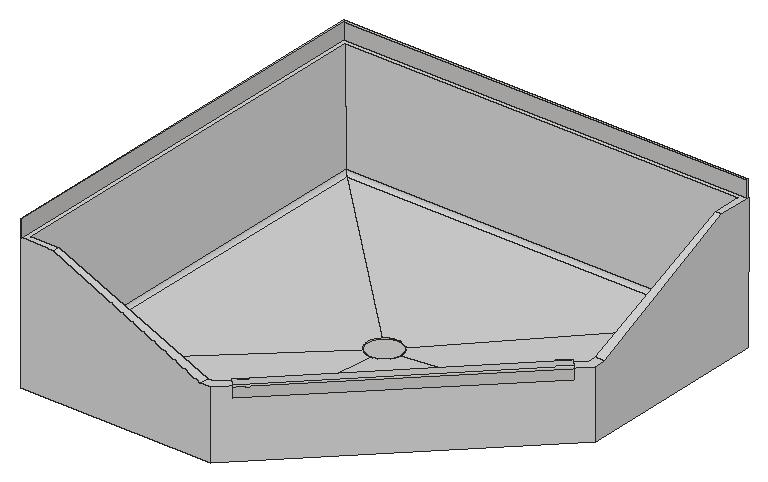
Revit family
Parameters (values of type "36" Terrazzo Neo-Corner Mop Sink")
  Flow = 0.0 L/s
  URL = "www.acorneng.com"
  Type Comments = ""
  Series = "Terrazo-Ware"  # constant formula
  Revision Date = "11/19/2010"  # constant formula
  OmniClass Title = "Sinks/Lavatories"  # constant formula
  OmniClass Number = "23.45.05.14.14"  # constant formula
  Model = "TNC-36-TF2"
  Material = Ceramic-Acorn-White
  MasterFormat Title = "Commercial Plumbing Fixtures"  # constant formula
  MasterFormat Number = "22 42 00"  # constant formula
  Manufacturer = "Acorn Engineering Company"  # constant formula
  Description = "Terrazzo Corner Mop Sink"  # constant formula
  Created by = "CADdetails, Ltd."  # constant formula
  Connection = ""
  C Depth = 1' - 5"
  D Length = 2' - 2 7/8"
  Backsplash Offset = 0' - 3"  # constant formula
  Assembly Code = "D2010"
  Architectural Design Manual = "http://www.acorneng.com/product-resources/acorn-submittals/terrazzo-ware/msc.pdf\r\n"
  A Width = 3' - 0"
Types (4): name | Model | Connection | C Depth | D Length | Architectural Design Manual | A Width
  (no name) | "TNC-36-TF2" | "" | 1' - 5" | 2' - 2 7/8" | "http://www.acorneng.com/product-resources/acorn-submittals/terrazzo-ware/msc.pdf\r\n" | 3' - 0"
  24" Terrazzo Neo-Corner Mop Sink | "TNC-24-TF2" | "Stainless steel grid strainer and provides for an inside caulked\r\nconnection to a 3 Inch pipe" | 1' - 3" | 1' - 0 3/4" | "http://www.acorneng.com/product-resources/acorn-submittals/terrazzo-ware/msc.pdf" | 2' - 0"
  32" Terrazzo Neo-Corner Mop Sink | "TNC-32-TF2" | "Stainless steel grid strainer and provides for an inside caulked\r\nconnection to a 3 Inch pipe" | 1' - 3" | 2' - 0" | "http://www.acorneng.com/product-resources/acorn-submittals/terrazzo-ware/msc.pdf" | 2' - 8"
  36" Terrazzo Neo-Corner Mop Sink | "TNC-36-TF2" | "" | 1' - 5" | 2' - 2 7/8" | "http://www.acorneng.com/product-resources/acorn-submittals/terrazzo-ware/msc.pdf\r\n" | 3' - 0"
Reference planes (in)
  plane 1 "Center (Front/Back)": y = 0
  plane 2: z = 0
  plane 3 "Center (Left/Right)": x = 0
  plane 4 "Back": y = 18
  plane 5 "Front": y = -18
  plane 6 "Left": x = -18
  plane 7 "Right": x = 18
  plane 8 "Bottom": z = 12
  plane 9: x = -1
  plane 10: y = 1
  plane 11: z = 2
  plane 12: z = 1.5
  plane 13: x = -15
  plane 14: y = 15
Forms (in)
  Extrusion 1, solid, material "Ceramic-Acorn-White" <- "Material", detail levels medium+fine
    sketch origin (-14.45279, -6.95556, 0) x (0.777146, 0.62932, 0) y (-0.62932, 0.777146, 0)
      loop
        line (39.51913, -1.17692) -> (13.09617, 20.21998) -> (-8.30072, -6.20299) -> (4.01746, -16.17805) -> (29.54407, -13.4951) -> (39.51913, -1.17692)
    from 0 to 2
  Extrusion 2, void
    sketch origin (-14.45279, -6.95556, 0) x (0.777146, 0.62932, 0) y (-0.62932, 0.777146, 0)
      loop
        circle (15.6092, -3.68995) r 1.5
    from 0 to 12
  Sweep 3, solid, material "Ceramic-Acorn-White" <- "Material", detail levels medium+fine
    path origin (-14.45279, -6.95556, 0) x (0.777146, 0.62932, 0) y (-0.62932, 0.777146, 0)
      loop
        line (2.72715, -16.41994) -> (3.50429, -17.04926) -> (30.22715, -14.24057) -> (30.85647, -13.46343)
    profile origin (-1.5, -18, 0) x (0, 1, 0) y (0, 0, 1)
      loop
        line (0, 6) -> (0, 0) -> (1.5, 0) -> (1.5, 1.92188)
        arc (1.5, 1.92188) -> (1.15577, 2.05924) -> (1.00068, 2.39585) r 0.5
        line (1.00068, 2.39585) -> (0.81279, 6) -> (0, 6)
  Sweep 4, solid, material "Ceramic-Acorn-White" <- "Material", detail levels medium+fine
    path origin (-14.45279, -6.95556, 0) x (0.777146, 0.62932, 0) y (-0.62932, 0.777146, 0)
      loop
        line (39.03764, -3.36053) -> (40.9256, -1.02909) -> (12.94834, 21.62644) -> (-9.70719, -6.35081) -> (-7.37575, -8.23877)
    profile origin (-16.5, -18, 0) x (0, 1, 0) y (0, 0, 1)
      loop
        line (0, 12) -> (0, 0) -> (1.5, 0) -> (1.5, 1.92188)
        arc (1.5, 1.92188) -> (1.15577, 2.05924) -> (1.00068, 2.39585) r 0.5
        line (1.00068, 2.39585) -> (0.50001, 12) -> (0, 12)
  SweptBlend 5, solid, material "Ceramic-Acorn-White" <- "Material", detail levels medium+fine
    path origin (-14.45279, -6.95556, 0) x (0.777146, 0.62932, 0) y (-0.62932, 0.777146, 0)
      loop
        line (-7.37575, -8.23877) -> (2.72715, -16.41994)
    profile origin (-15, -18, 0) x (0, 1, 0) y (0, 0, 1)
      loop
        line (0.50001, 12) -> (0, 12) -> (0, 0) -> (1.5, 0) -> (1.5, 1.92188)
        arc (1.5, 1.92188) -> (1.15577, 2.05924) -> (1.00068, 2.39585) r 0.5
        line (1.00068, 2.39585) -> (0.50001, 12)
    end profile origin (-2, -18, 0) x (0, 1, 0) y (0, 0, 1)
      loop
        line (0, 6) -> (0, 0) -> (1.5, 0) -> (1.5, 1.92188)
        arc (1.5, 1.92188) -> (1.15577, 2.05924) -> (1.00068, 2.39585) r 0.5
        line (1.00068, 2.39585) -> (0.81279, 6) -> (0, 6)
  SweptBlend 6, solid, material "Ceramic-Acorn-White" <- "Material", detail levels medium+fine
    path origin (-14.45279, -6.95556, 0) x (0.777146, 0.62932, 0) y (-0.62932, 0.777146, 0)
      loop
        line (39.03764, -3.36053) -> (30.85647, -13.46343)
    profile origin (18, 15, 0) x (1, 0, 0) y (0, 0, 1)
      loop
        line (0, 0) -> (0, 12) -> (-0.50001, 12) -> (-1.00068, 2.39585)
        arc (-1.00068, 2.39585) -> (-1.15577, 2.05924) -> (-1.5, 1.92188) r 0.5
        line (-1.5, 1.92188) -> (-1.5, 0) -> (0, 0)
    end profile origin (18, 2, 0) x (1, 0, 0) y (0, 0, 1)
      loop
        line (0, 6) -> (-0.81279, 6) -> (-1.00068, 2.39585)
        arc (-1.00068, 2.39585) -> (-1.15577, 2.05924) -> (-1.5, 1.92188) r 0.5
        line (-1.5, 1.92188) -> (-1.5, 0) -> (0, 0) -> (0, 6)
  Blend 7, void
    base sketch origin (-30.23363, -236.22047, 2) x (-1, 0, 0) y (0, -1, 0)
      loop
        line (-47.23363, -253.22047) -> (-13.23363, -253.22047) -> (-13.23363, -219.22047) -> (-29.08417, -219.22047) -> (-47.23363, -237.36993) -> (-47.23363, -253.22047)
    top sketch origin (-30.23363, -236.22047, 2) x (-1, 0, 0) y (0, -1, 0)
      loop
        line (-30.73363, -236.72047) -> (-29.73363, -236.72047) -> (-29.73363, -235.72047) -> (-30.35117, -235.72047) -> (-30.73363, -236.10294) -> (-30.73363, -236.72047)
    from 0 to -0.5
  Extrusion 8, solid, material "Metal-Acorn-Stainless Steel-Grille", detail levels fine
    sketch origin (-30.23363, -236.22047, 1.5) x (-1, 0, 0) y (0, -1, 0)
      loop
        circle (-30.23363, -236.22047) r 1.5
    from 0 to -0.25
  Sweep 9, solid, material "Metal-Acorn-Stainless Steel-Matte", detail levels fine
    path origin (-14.45279, -6.95556, 0) x (0.777146, 0.62932, 0) y (-0.62932, 0.777146, 0)
      loop
        line (5.01678, -16.89029) -> (28.71467, -14.39954)
    profile origin (8.5, -8.5, 0) x (-0.707107, 0.707107, 0) y (0, 0, 1)
      loop
        line (0.85841, 5.125) -> (0.98358, 5.125) -> (0.93762, 6.00651)
        arc (0.93762, 6.00651) -> (0.89885, 6.09066) -> (0.81279, 6.125) r 0.125
        line (0.81279, 6.125) -> (0, 6.125)
        arc (0, 6.125) -> (-0.08839, 6.08839) -> (-0.125, 6) r 0.125
        line (-0.125, 6) -> (-0.125, 5.125) -> (0, 5.125) -> (0, 6) -> (0.81279, 6) -> (0.85841, 5.125)
  Extrusion 10, solid, material "Metal-Acorn-Stainless Steel-Matte", detail levels fine
    sketch origin (0, 0, 12) x (-1, 0, 0) y (0, -1, 0)
      loop
        line (18, -18) -> (18, 18) -> (17.875, 18) -> (17.875, -17.875) -> (-18, -17.875) -> (-18, -18) -> (18, -18)
    from 0 to 1.5
  Extrusion 11, solid, material "Ceramic-Acorn-White" <- "Material", detail levels coarse
    sketch origin (0, 0, 12) x (-1, 0, 0) y (0, -1, 0)
      loop
        line (18, -18) -> (18, 18) -> (1, 18) -> (-18, -1) -> (-18, -18) -> (18, -18)
    from -12 to 0
Cuts and joins
  Extrusion 2, Blend 7 cuts Extrusion 1
  Extrusion 2 cuts Sweep 3
  Extrusion 2 cuts Sweep 4
  Extrusion 2 cuts SweptBlend 5
  Extrusion 2 cuts SweptBlend 6
  joined: Extrusion 1, Sweep 3, Sweep 4, SweptBlend 5, SweptBlend 6
Lines and regions (in)
  Masking region 1
    outline origin (0, 0, 12) x (-1, 0, 0) y (0, -1, 0)
      loop
        line (18, -18) -> (18, 18) -> (1, 18) -> (-18, -1) -> (-18, -18) -> (18, -18)
  Masking region 2, detail levels medium+fine
    outline origin (0, 0, 12) x (-1, 0, 0) y (0, -1, 0)
      loop
        line (16.7564, 16.7564) -> (1.54988, 16.7564) -> (-16.7564, -1.54988) -> (-16.7564, -16.7564) -> (16.7564, -16.7564) -> (16.7564, 16.7564)
  Masking region 3, detail levels fine
    outline origin (0, 0, 12) x (-1, 0, 0) y (0, -1, 0)
      loop
        line (-0.07538, 16.92462) -> (-16.92462, 0.07538) -> (-16.02788, -0.82136) -> (0.82136, 16.02788) -> (-0.07538, 16.92462)
      loop
        circle (0, 0) r 1.5
  Masking region 4
    outline origin (0, 0, 0) x (1, 0, 0) y (0, 0, 1)
      loop
        line (-18, 12) -> (-18, 0) -> (18, 0) -> (18, 12) -> (-18, 12)
  Masking region 5, detail levels medium+fine
    outline origin (0, 0, 0) x (1, 0, 0) y (0, 0, 1)
      loop
        line (-2, 6) -> (-15, 12) -> (-18, 12) -> (-18, 0) -> (18, 0) -> (18, 6) -> (-2, 6)
  Masking region 6, detail levels fine
    outline origin (0, 0, 0) x (1, 0, 0) y (0, 0, 1)
      loop
        line (0.07538, 6) -> (0.07538, 5.125) -> (17.01301, 5.125) -> (17.01301, 6) -> (0.07538, 6)
      loop
        line (-18, 13.5) -> (-18, 12) -> (18, 12) -> (18, 13.5) -> (-18, 13.5)
  Masking region 7
    outline origin (0, 0, 0) x (0, 1, 0) y (0, 0, 1)
      loop
        line (18, 12) -> (-18, 12) -> (-18, 0) -> (18, 0) -> (18, 12)
  Masking region 8, detail levels medium+fine
    outline origin (0, 0, 0) x (0, 1, 0) y (0, 0, 1)
      loop
        line (18, 0) -> (18, 12) -> (15, 12) -> (2, 6) -> (-18, 6) -> (-18, 0) -> (18, 0)
  Masking region 9, detail levels fine
    outline origin (0, 0, 0) x (0, 1, 0) y (0, 0, 1)
      loop
        line (18, 13.5) -> (-18, 13.5) -> (-18, 12) -> (18, 12) -> (18, 13.5)
      loop
        line (-0.16377, 6.12289) -> (-17.01301, 6.12289) -> (-17.01301, 5.125) -> (-0.16377, 5.125) -> (-0.16377, 6.12289)
  sketch lines
    curve 1: line (-78.74016, 78.74016, 0) -> (78.74016, 78.74016, 0)
    curve 2: line (-78.74016, 78.74016, 0) -> (-78.74016, -78.74016, 0)
    curve 3: line (-78.74016, -78.74016, 0) -> (78.74016, -78.74016, 0)
    curve 4: line (78.74016, 78.74016, 0) -> (78.74016, -78.74016, 0)
  reference lines
    curve 5: line (-2, -15.8849, 0) -> (-2, -19.8849, 0)
    curve 6: line (17.50402, 2, 0) -> (22.00402, 2, 0)
    curve 7: line (-1, -18, 0) -> (1.65165, -20.65165, 0)
    curve 8: line (18, 1, 0) -> (22.00402, -3.00402, 0)
  symbolic lines, detail levels coarse
    curve 9: line (-18, 18, 12) -> (8.5, -8.5, 12)
    curve 10: line (-18, -18, 12) -> (18, 18, 12)
    curve 11: line (-18, 0, 12) -> (18, 0, 0)
    curve 12: line (18, 0, 12) -> (-18, 0, 0)
    curve 13: line (0, 18, 12) -> (0, -18, 0)
    curve 14: line (0, -18, 12) -> (0, 18, 0)
  symbolic lines, detail levels fine
    curve 15: line (17.49999, 0, 12) -> (17.18721, 0, 6)
    curve 16: line (-2, 0, 6) -> (-2, 0, 0)
    curve 17: line (0, -17.18721, 6) -> (0, -17.49999, 12)
    curve 18: line (0, 2, 6) -> (0, 2, 0)
Dimensions and locks (in)
  "A Width": plane 6 "Left" to plane 7 "Right"
  equal spacing: plane 6 "Left", plane 3 "Center (Left/Right)", plane 7 "Right"
  equal spacing: plane 4 "Back", plane 1 "Center (Front/Back)", plane 5 "Front"
  "A Width": plane 4 "Back" to plane 5 "Front"
  locked: plane 8 "Bottom" to level at 12
  "C Depth": plane 6 "Left" to plane 9
  "C Depth": plane 4 "Back" to plane 10
  plane 11 to plane 12 to plane 2 = 0' - 0 1/2" locked, 0' - 1 1/2" locked
  "Backsplash Offset": plane 6 "Left" to plane 13
  "Backsplash Offset": plane 4 "Back" to plane 14
  locked: curve 5 to plane 9 at 1
  locked: curve 6 to plane 10 at 1
  locked: SweptBlend 5 sketch curve to profile plane at 6
  locked: SweptBlend 6 sketch curve to profile plane at 6
  locked: plane 6 "Left" to Extrusion 1 sketch curve at 1
  locked: plane 4 "Back" to Extrusion 1 sketch curve at 1
  locked: Extrusion 1 sketch curve to plane 7 "Right" at 1
  locked: plane 5 "Front" to Extrusion 1 sketch curve at 1
  Blend 7 sketch curve to plane 3 "Center (Left/Right)" to Blend 7 sketch curve = 0' - 0 1/2" locked, 0' - 0 1/2" locked
  Blend 7 sketch curve to plane 1 "Center (Front/Back)" to Blend 7 sketch curve = 0' - 0 1/2" locked, 0' - 0 1/2" locked
  locked: plane 12 to Extrusion 8 at 0.25
  locked: curve 7 to Sweep 9 sketch curve at 1.52082
  locked: Sweep 9 sketch curve to curve 8 at 1.52082
  locked: plane 4 "Back" to Extrusion 10 sketch curve at 0.125
  locked: plane 6 "Left" to Extrusion 10 sketch curve at 0.125
  locked: Extrusion 10 to plane 8 "Bottom" at 1.5
  locked: curve 9 to plane 4 "Back" at 0
  locked: curve 9 to plane 6 "Left" at 0
  locked: curve 10 to plane 7 "Right" at 0
  locked: curve 10 to plane 4 "Back" at 0
  locked: plane 6 "Left" to curve 10
  locked: curve 10 to plane 5 "Front" at 0
  locked: plane 8 "Bottom" to curve 11 at 0
  locked: plane 6 "Left" to curve 11 at 0
  locked: plane 2 to curve 12 at 0
  locked: plane 6 "Left" to curve 12 at 0
  locked: plane 7 "Right" to curve 11 at 0
  locked: plane 2 to curve 11
  locked: plane 8 "Bottom" to curve 12 at 0
  locked: plane 7 "Right" to curve 12 at 0
  locked: Masking region 8 to Masking region 9 sketch curve at 0.12289
  locked: plane 2 to curve 14 at 0
  locked: curve 14 to plane 4 "Back" at 0
  locked: plane 8 "Bottom" to curve 13
  locked: curve 13 to plane 4 "Back" at 0
  locked: plane 5 "Front" to curve 14 at 0
  locked: plane 8 "Bottom" to curve 14 at 0
  locked: plane 2 to curve 13 at 0
  locked: plane 5 "Front" to curve 13 at 0
  locked: plane 9 to curve 16 at 1
  locked: curve 18 to plane 10 at 1
  locked: plane 9 to curve 7 (angle 45.00°)
  locked: curve 8 to plane 10 (angle 45.00°)
  locked: curve 9 to plane 4 "Back" (angle 45.00°)
  aligned and locked: Extrusion 1 to plane 2
  aligned and locked: plane 11 to Extrusion 1
  aligned and locked: plane 1 "Center (Front/Back)" to Extrusion 2 sketch curve
  aligned and locked: plane 3 "Center (Left/Right)" to Extrusion 2 sketch curve
  aligned and locked: Extrusion 2 to plane 2
  aligned and locked: plane 8 "Bottom" to Extrusion 2
  aligned and locked: plane 5 "Front" to Sweep 3 sketch curve
  aligned and locked: plane 7 "Right" to Sweep 3 sketch curve
  aligned and locked: curve 5 to Sweep 3 sketch curve
  aligned and locked: curve 6 to Sweep 3 sketch curve
  aligned and locked: plane 5 "Front" to Sweep 4 sketch curve
  aligned and locked: Sweep 4 sketch curve to plane 6 "Left"
  aligned and locked: Sweep 4 sketch curve to plane 4 "Back"
  aligned and locked: plane 7 "Right" to Sweep 4 sketch curve
  aligned and locked: plane 14 to Sweep 4 sketch curve
  aligned and locked: plane 13 to Sweep 4 sketch curve
  aligned and locked: host floor to Sweep 4 sketch curve
  aligned and locked: plane 8 "Bottom" to Sweep 4 sketch curve
  aligned and locked: Sweep 4 sketch curve to profile plane
  aligned and locked: plane 5 "Front" to SweptBlend 5 sketch curve
  aligned and locked: plane 13 to SweptBlend 5 sketch curve
  aligned and locked: curve 5 to SweptBlend 5 sketch curve
  aligned and locked: SweptBlend 5 sketch curve to plane 8 "Bottom"
  aligned and locked: SweptBlend 5 sketch curve to profile plane
  aligned and locked: profile plane to SweptBlend 5 sketch curve  (x3)
  aligned and locked: SweptBlend 5 sketch curve to Sweep 4  (x2)
  aligned and locked: plane 14 to SweptBlend 6 sketch curve
  aligned and locked: curve 6 to SweptBlend 6 sketch curve
  aligned and locked: profile plane to SweptBlend 6 sketch curve  (x3)
  aligned and locked: SweptBlend 6 sketch curve to plane 8 "Bottom"
  aligned and locked: SweptBlend 6 sketch curve to cut or joined group of Extrusion 1, Extrusion 2, Sweep 3, Sweep 4, SweptBlend 5, SweptBlend 6, Blend 7
  aligned and locked: plane 7 "Right" to SweptBlend 6 sketch curve
  aligned and locked: cut or joined group of Extrusion 1, Extrusion 2, Sweep 3, Sweep 4, SweptBlend 5, SweptBlend 6, Blend 7 to SweptBlend 6 sketch curve
  aligned and locked: profile plane to Sweep 3 sketch curve  (x2)
  aligned and locked: plane 9 to Sweep 3 sketch curve
  aligned and locked: plane 10 to Sweep 3 sketch curve
  aligned and locked: Blend 7 sketch curve to Extrusion 1  (x5)
  aligned and locked: Blend 7 to plane 11
  aligned and locked: Blend 7 to plane 12
  aligned and locked: cut or joined group of Extrusion 1, Extrusion 2, Sweep 3, Sweep 4, SweptBlend 5, SweptBlend 6, Blend 7 to Extrusion 1 sketch curve
  aligned and locked: Extrusion 8 sketch curve to cut or joined group of Extrusion 1, Extrusion 2, Sweep 3, Sweep 4, SweptBlend 5, SweptBlend 6, Blend 7
  aligned and locked: Extrusion 8 to plane 12
  aligned and locked: cut or joined group of Extrusion 1, Extrusion 2, Sweep 3, Sweep 4, SweptBlend 5, SweptBlend 6, Blend 7 to Sweep 9 sketch curve
  aligned and locked: plane 7 "Right" to curve 8
  aligned and locked: plane 10 to curve 8
  aligned and locked: plane 5 "Front" to curve 7
  aligned and locked: plane 9 to curve 7
  aligned and locked: Extrusion 10 sketch curve to plane 4 "Back"
  aligned and locked: Extrusion 10 sketch curve to plane 6 "Left"
  aligned and locked: plane 7 "Right" to Extrusion 10 sketch curve
  aligned and locked: plane 5 "Front" to Extrusion 10 sketch curve
  aligned and locked: Extrusion 10 to plane 8 "Bottom"
  aligned and locked: Masking region 1 sketch curve to plane 6 "Left"
  aligned and locked: Masking region 1 sketch curve to plane 4 "Back"
  aligned and locked: plane 7 "Right" to Masking region 1 sketch curve
  aligned and locked: plane 5 "Front" to Masking region 1 sketch curve
  aligned and locked: Masking region 1 sketch curve to cut or joined group of Extrusion 1, Extrusion 2, Sweep 3, Sweep 4, SweptBlend 5, SweptBlend 6, Blend 7
  aligned and locked: Masking region 2 sketch curve to cut or joined group of Extrusion 1, Extrusion 2, Sweep 3, Sweep 4, SweptBlend 5, SweptBlend 6, Blend 7  (x5)
  aligned and locked: Sweep 9 to Masking region 3 sketch curve  (x2)
  aligned and locked: Masking region 2 to Masking region 3 sketch curve
  aligned and locked: Masking region 1 to Masking region 3 sketch curve
  aligned and locked: Masking region 3 sketch curve to cut or joined group of Extrusion 1, Extrusion 2, Sweep 3, Sweep 4, SweptBlend 5, SweptBlend 6, Blend 7
  aligned and locked: Masking region 1 to curve 9
  aligned and locked: Masking region 4 sketch curve to plane 6 "Left"
  aligned and locked: Masking region 4 sketch curve to plane 8 "Bottom"
  aligned and locked: plane 7 "Right" to Masking region 4 sketch curve
  aligned and locked: host floor to Masking region 4 sketch curve
  aligned and locked: Masking region 5 sketch curve to cut or joined group of Extrusion 1, Extrusion 2, Sweep 3, Sweep 4, SweptBlend 5, SweptBlend 6, Blend 7  (x2)
  aligned and locked: Masking region 5 sketch curve to Extrusion 10
  aligned and locked: Masking region 5 sketch curve to plane 6 "Left"
  aligned and locked: host floor to Masking region 5 sketch curve
  aligned and locked: plane 7 "Right" to Masking region 5 sketch curve
  aligned and locked: Masking region 6 sketch curve to Sweep 9  (x3)
  aligned and locked: plane 8 "Bottom" to Masking region 6 sketch curve
  aligned and locked: Masking region 6 sketch curve to Extrusion 10
  aligned and locked: plane 6 "Left" to Masking region 6 sketch curve
  aligned and locked: plane 7 "Right" to Masking region 6 sketch curve
  aligned and locked: plane 2 to Masking region 7 sketch curve
  aligned and locked: Masking region 7 sketch curve to plane 4 "Back"
  aligned and locked: Masking region 7 sketch curve to plane 8 "Bottom"
  aligned and locked: Masking region 7 sketch curve to plane 5 "Front"
  aligned and locked: plane 4 "Back" to Masking region 8 sketch curve
  aligned and locked: Masking region 8 sketch curve to cut or joined group of Extrusion 1, Extrusion 2, Sweep 3, Sweep 4, SweptBlend 5, SweptBlend 6, Blend 7  (x2)
  aligned and locked: Masking region 8 sketch curve to plane 5 "Front"
  aligned and locked: host floor to Masking region 8 sketch curve
  aligned and locked: plane 8 "Bottom" to Masking region 8 sketch curve
  aligned and locked: Masking region 9 sketch curve to Sweep 9  (x3)
  aligned and locked: plane 8 "Bottom" to Masking region 9 sketch curve
  aligned and locked: Masking region 9 sketch curve to plane 5 "Front"
  aligned and locked: Masking region 9 sketch curve to plane 4 "Back"
  aligned and locked: Masking region 9 sketch curve to Extrusion 10
  aligned and locked: Masking region 6 sketch curve to Masking region 5
  aligned and locked: cut or joined group of Extrusion 1, Extrusion 2, Sweep 3, Sweep 4, SweptBlend 5, SweptBlend 6, Blend 7 to curve 15
  aligned and locked: Masking region 5 to curve 15
  aligned and locked: Extrusion 10 to curve 15
  aligned and locked: cut or joined group of Extrusion 1, Extrusion 2, Sweep 3, Sweep 4, SweptBlend 5, SweptBlend 6, Blend 7 to curve 16
  aligned and locked: Masking region 5 to curve 16
  aligned and locked: cut or joined group of Extrusion 1, Extrusion 2, Sweep 3, Sweep 4, SweptBlend 5, SweptBlend 6, Blend 7 to curve 17
  aligned and locked: Extrusion 10 to curve 17
  aligned and locked: Masking region 8 to curve 17
  aligned and locked: cut or joined group of Extrusion 1, Extrusion 2, Sweep 3, Sweep 4, SweptBlend 5, SweptBlend 6, Blend 7 to curve 18
  aligned and locked: curve 18 to Masking region 8
  aligned and locked: Extrusion 11 sketch curve to plane 6 "Left"
  aligned and locked: Extrusion 11 sketch curve to plane 4 "Back"
  aligned and locked: plane 7 "Right" to Extrusion 11 sketch curve
  aligned and locked: plane 5 "Front" to Extrusion 11 sketch curve
  aligned and locked: Extrusion 11 sketch curve to Masking region 1
  aligned and locked: Extrusion 11 to plane 2
  aligned and locked: plane 8 "Bottom" to Extrusion 11
Automatic sketch dimensions
  curve 2 to curve 3 = 13' - 1.48031"
  curve 2 to curve 2 = 13' - 1.48031"
  Sweep 4 sketch curve to Sweep 4 sketch curve = 0' - 0.49932"
  Sweep 4 sketch curve to Sweep 4 sketch curve = 0' - 0.47397"
  Sweep 4 sketch curve to profile plane = 0' - 0 1/2"
  profile plane to Sweep 4 sketch curve = 0' - 1 59/64"
  SweptBlend 5 sketch curve to SweptBlend 5 sketch curve = 0' - 0 1/2"
  profile plane to SweptBlend 5 sketch curve = 0' - 1 59/64"
  SweptBlend 5 sketch curve to SweptBlend 5 sketch curve = 0' - 0.49932"  (x2)
  SweptBlend 5 sketch curve to SweptBlend 5 sketch curve = 0' - 0.47397"  (x2)
  SweptBlend 5 sketch curve to profile plane = 0' - 0.81279"
  SweptBlend 5 sketch curve to SweptBlend 5 sketch curve = 0' - 1 59/64"
  SweptBlend 6 sketch curve to plane 7 "Right" = 0' - 0"  (x2)
  SweptBlend 6 sketch curve to SweptBlend 6 sketch curve = 0' - 0.49932"  (x2)
  SweptBlend 6 sketch curve to SweptBlend 6 sketch curve = 0' - 0.47397"  (x2)
  Sweep 3 sketch curve to Sweep 3 sketch curve = 0' - 0.49932"
  Sweep 3 sketch curve to Sweep 3 sketch curve = 0' - 0.47397"
  Sweep 3 sketch curve to Sweep 3 sketch curve = 0' - 0.81279"
  Sweep 3 sketch curve to profile plane = 0' - 1.00068"
  Sweep 3 sketch curve to Sweep 3 sketch curve = 0' - 1 59/64"
  Sweep 3 sketch curve to Sweep 3 sketch curve = 0' - 3.60415"
  Sweep 4 sketch curve to profile plane = 0' - 1.00068"
  plane 3 "Center (Left/Right)" to Blend 7 sketch curve = 0' - 0.11754"
  plane 1 "Center (Front/Back)" to Blend 7 sketch curve = 0' - 0.11754"
  Sweep 9 sketch curve to profile plane = 0' - 0.98358"
  Sweep 9 sketch curve to profile plane = 0' - 0.93762"
  Sweep 9 sketch curve to Sweep 9 sketch curve = 0' - 0.12517"
  Sweep 9 sketch curve to Sweep 9 sketch curve = 0' - 0.12483"
  Sweep 9 sketch curve to Sweep 9 sketch curve = 0' - 0"  (x3)
  Sweep 9 sketch curve to Sweep 9 sketch curve = 0' - 0.81279"
  Sweep 9 sketch curve to Sweep 9 sketch curve = 0' - 0.85841"
  Sweep 9 sketch curve to Sweep 9 sketch curve = 0' - 0 1/8"
  Sweep 9 sketch curve to Sweep 9 sketch curve = 0' - 0 7/8"  (x2)
  profile plane to Sweep 9 sketch curve = 0' - 5 1/8"
  curve 5 to curve 7 = 0' - 1.96335"
  curve 7 to curve 5 = 0' - 0.55393"
  curve 8 to curve 6 = 0' - 0.24387"
  curve 8 to curve 6 = 0' - 3.74103"
  radius of Extrusion 2 sketch curve = 0' - 1 1/2"
Connectors (in)
  piping at (0, 0, 0), driven by "Connection", driven by "Flow"
    settings: on cut or joined group of Extrusion 1, Extrusion 2, Sweep 3, Sweep 4, SweptBlend 5, SweptBlend 6, Blend 7, index 1
